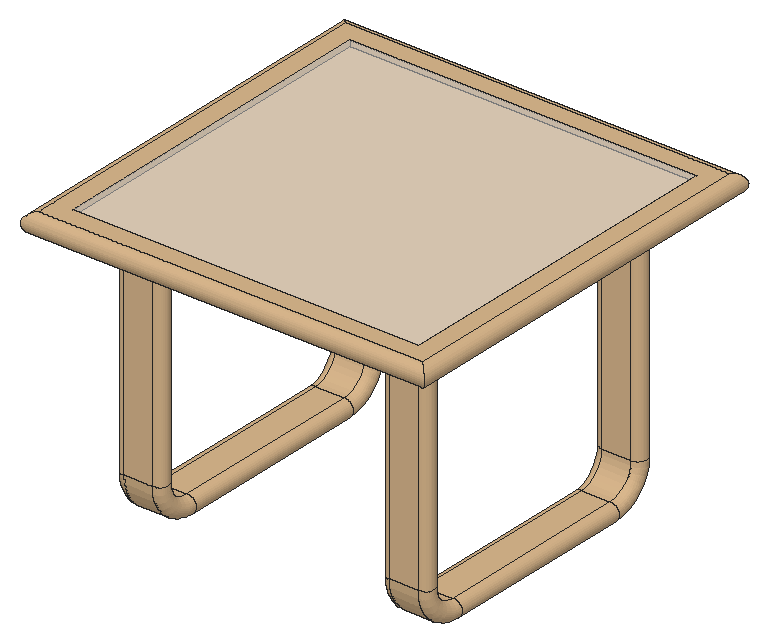
Revit family "66b3819fac5c4699949384fea706afa0", category Mobilier, Revit 2021
Family settings
  Basée sur le plan de construction = Non
  Toujours verticalement = Oui
  Couper avec des vides une fois chargée = Non
  Partagée = Non
  Point de calcul de pièce = Non
Parameters
  Largeur = 700 mm
  Hauteur = 450 mm
  Verre - Givré = Verre - Givré
  Finition = Bois - Bouleau
  Elévation par défaut = 0 mm
Reference planes
  plane 1 "Centre (avant/arrière)": y = 310
  plane 2: z = 0
  plane 3 "Centre (gauche/droite)": x = -2.628
  plane 4: x = -352.628
  plane 5: x = 347.372
  plane 6: y = -40
  plane 7: y = 660
  plane 8: y = 80
  plane 9: y = 540
  plane 10: x = 227.372
  plane 11: x = -232.628
  plane 12 "h": z = 450
Forms (mm)
  Sweep 1, solid, material "Bois - Bouleau" <- "Finition"
    path origin (227.372, -1107.141, 1200) x (0, -1, 0) y (0, 0, 1)
      loop
        line (-1187.141, -750) -> (-1187.141, -1135)
        arc (-1187.141, -1135) -> (-1204.714, -1177.426) -> (-1247.141, -1195) r 60
        line (-1247.141, -1195) -> (-1587.141, -1195)
        arc (-1587.141, -1195) -> (-1629.567, -1177.426) -> (-1647.141, -1135) r 60
        line (-1647.141, -1135) -> (-1647.141, -750)
    profile origin (227.372, 80, 257.5) x (-1, 0, 0) y (0, -1, 0)
      loop
        arc (-25, 15) -> (-40, 0) -> (-25, -15) r 15
        line (-25, -15) -> (25, -15)
        arc (25, -15) -> (40, 0) -> (25, 15) r 15
        line (25, 15) -> (-25, 15)
      loop
        arc (435, 15) -> (420, 0) -> (435, -15) r 15
        line (435, -15) -> (485, -15)
        arc (485, -15) -> (500, 0) -> (485, 15) r 15
        line (485, 15) -> (435, 15)
  Extrusion 2, solid, material "Bois - Bouleau" <- "Finition"
    sketch origin (0, 0, 450) x (0, -1, 0) y (1, 0, 0)
      loop
        line (-10, -302.628) -> (-10, 297.372) -> (-610, 297.372) -> (-610, -302.628) -> (-10, -302.628)
    from 0 to 25
  Sweep 3, solid, material "Bois - Bouleau" <- "Finition"
    path in 3D
      loop
        line (297.372, 10, 475) -> (297.372, 610, 475) -> (-302.628, 610, 475) -> (-302.628, 10, 475) -> (297.372, 10, 475)
    profile origin (-2.628, 10, 475) x (0, 1, 0) y (0, 0, 1)
      loop
        arc (-32.5, 10) -> (-50, -7.5) -> (-32.5, -25) r 17.5
        line (-32.5, -25) -> (0, -25) -> (0, 10) -> (-32.5, 10)
  Extrusion 4, solid, material "Verre - Givré" <- "Verre - Givré"
    sketch origin (0, 0, 475) x (0, -1, 0) y (1, 0, 0)
      loop
        line (-610, -302.628) -> (-10, -302.628) -> (-10, 297.372) -> (-610, 297.372) -> (-610, -302.628)
    from 0 to 10
Lines and regions (mm)
  sketch lines
    curve 1: line (-302.628, 10, 475) -> (297.372, 10, 475)
    curve 2: line (-302.628, 610, 475) -> (-302.628, 10, 475)
    curve 3: line (297.372, 610, 475) -> (-302.628, 610, 475)
    curve 4: line (297.372, 10, 475) -> (297.372, 610, 475)
Dimensions and locks
  equal spacing: plane 4, plane 3 "Centre (gauche/droite)", plane 5
  equal spacing: plane 6, plane 1 "Centre (avant/arrière)", plane 7
  "Largeur": plane 4 to plane 5
  "Largeur": plane 6 to plane 7
  locked: plane 6 to plane 8 at 120
  locked: plane 9 to plane 7 at 120
  locked: plane 4 to plane 11 at 120
  locked: plane 10 to plane 5 at 120
  locked: Sweep 1 sketch curve to plane 2 at 5
  equal spacing: Sweep 1 sketch curve, plane 10, Sweep 1 sketch curve
  locked: Sweep 1 sketch curve to plane 10 at 25
  equal spacing: Sweep 1 sketch curve, plane 8, Sweep 1 sketch curve
  locked: plane 8 to Sweep 1 sketch curve at 15
  equal spacing: Sweep 1 sketch curve, plane 11, Sweep 1 sketch curve
  locked: Sweep 1 sketch curve to plane 11 at 25
  "Hauteur": plane 12 "h" to plane 2
  locked: Extrusion 2 sketch curve to plane 7 at 50
  locked: plane 4 to Extrusion 2 sketch curve at 50
  locked: Extrusion 2 sketch curve to plane 5 at 50
  locked: plane 6 to Extrusion 2 sketch curve at 50
  locked: Sweep 3 sketch curve to profile plane at 50
  locked: Sweep 3 sketch curve to profile plane at 10
  aligned and locked: plane 12 "h" to Sweep 1 sketch curve  (x2)
  aligned and locked: Sweep 1 sketch curve to plane 9
  aligned and locked: plane 8 to Sweep 1 sketch curve
  aligned and locked: Sweep 1 sketch curve to Sweep 1 sketch curve  (x2)
  aligned and locked: Sweep 3 sketch curve to profile plane
  aligned and locked: Sweep 3 sketch curve to plane 12 "h"
  aligned and locked: Extrusion 4 sketch curve to Extrusion 2  (x4)
Automatic sketch dimensions
  Sweep 1 sketch curve to plane 8 = 60 mm
  plane 9 to Sweep 1 sketch curve = 60 mm
